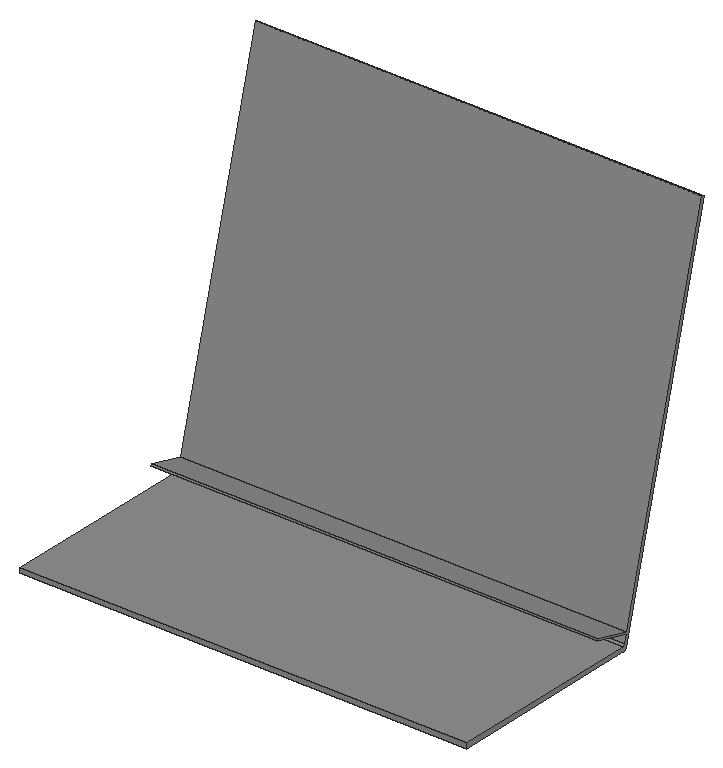
Revit family "Haworth_Belong_Tool_ReferenceShelfBlotter", category Furniture Systems, Revit 2018
Family settings
  Round Connector Dimension = Use Diameter
  Part Type = Normal
  OmniClass Number = 23.40.70.14.64.21
  OmniClass Title = Systems Furniture
  Work Plane-Based = No
  Always vertical = Yes
  Cut with Voids When Loaded = No
  Shared = No
  Room Calculation Point = No
Parameters (values of type "Shelf")
  Warranty = "http://www.haworth.com/resources/product-info/warranties"
  URL = "www.haworth.com"
  Sustainability Info = "https://www.haworth.com/na/en/expertise/sustainability.html"
  Size = "Verify Final Dim. w/ Haworth"  # constant formula
  Shelf Finish = Haworth _ Paint _ Graphite
  Revision Number = "2"  # constant formula
  Product Page URL = "http://www.haworth.com/products/accessories/work-tools/belong"
  Model = "Haworth - Belong Tools - Reference Shelf Blotter"  # constant formula
  Manufacturer = "Haworth"  # constant formula
  Description = "\"Haworth - Belong Tools - Reference Shelf Blotter\""
  Author = "Haworth (Hampton)"  # constant formula
  Assembly Code = "E2020200"
  Actual Width = 11 5/8"  # constant formula
  Actual Height = 9 7/8"  # constant formula
  Actual Depth = 5"  # constant formula
Reference planes (in)
  plane 1 "Back Insertion": y = 0
  plane 2: z = 0
  plane 3 "Center L/R": x = 6.5
  plane 4 "Bottom": z = 0
  plane 5 "Top": z = 9.875
  plane 6 "Left": x = 0.6875
  plane 7 "Right": x = 12.3125
  plane 8 "Front": y = -5
  plane 9 "Inside Bottom": z = 0.125
  plane 10 "Inside Back": y = -0.125
  plane 11 "Back": y = 2.72453
Forms (in)
  Extrusion 1, solid, material "Haworth _ Paint _ Graphite" <- "Shelf Finish"
    sketch origin (12.3125, 0, 0) x (0, 0, 1) y (0, -1, 0)
      loop
        line (0.125, 5) -> (0, 5) -> (0, -0.10113)
        arc (0, -0.10113) -> (0.01936, -0.15819) -> (0.06945, -0.19168) r 0.09375
        line (0.06945, -0.19168) -> (9.50664, -2.72453) -> (9.51909, -2.67817) -> (0.41378, -0.23439) -> (0.66795, 0.71419) -> (0.62178, 0.72656) -> (0.36762, -0.222) -> (0.1713, -0.16931)
        arc (0.1713, -0.16931) -> (0.13791, -0.14699) -> (0.125, -0.10895) r 0.0625
        line (0.125, -0.10895) -> (0.125, 5)
    from -11.625 to 0
Lines and regions (in)
  Masking region 1
    outline origin (0, 0, 0) x (1, 0, 0) y (0, 1, 0)
      loop
        line (0.6875, 2.72453) -> (0.6875, -5) -> (12.3125, -5) -> (12.3125, 2.72453) -> (0.6875, 2.72453)
  symbolic lines, style "Haworth"
    curve 1: line (0.6875, 0, 0) -> (12.3125, 0, 0)
Dimensions and locks (in)
  "Actual Height": plane 5 "Top" to plane 4 "Bottom"
  equal spacing: plane 7 "Right", plane 3 "Center L/R", plane 6 "Left"
  "Actual Width": plane 7 "Right" to plane 6 "Left"
  aligned and locked: plane 7 "Right" to Extrusion 1
  aligned and locked: Extrusion 1 to plane 6 "Left"
  aligned and locked: Masking region 1 sketch curve to plane 11 "Back"
  aligned and locked: Extrusion 1 to plane 8 "Front"
Automatic sketch dimensions
  Extrusion 1 sketch curve to level = 0"
  Extrusion 1 sketch curve to plane 9 "Inside Bottom" = 0"
  Extrusion 1 sketch curve to plane 11 "Back" = 0"
  Extrusion 1 sketch curve to plane 9 "Inside Bottom" = 0.05555"
  Extrusion 1 sketch curve to plane 9 "Inside Bottom" = 1/32"
  plane 9 "Inside Bottom" to Extrusion 1 sketch curve = 0.0463"
  plane 9 "Inside Bottom" to Extrusion 1 sketch curve = 1/16"
  Extrusion 1 sketch curve to Extrusion 1 sketch curve = 0.19632"
  Extrusion 1 sketch curve to Extrusion 1 sketch curve = 0.04617"  (x2)
  plane 9 "Inside Bottom" to Extrusion 1 sketch curve = 0.49678"
  Extrusion 1 sketch curve to plane 11 "Back" = 0.04636"
  Extrusion 1 sketch curve to Extrusion 1 sketch curve = 0.01244"
  Extrusion 1 sketch curve to Extrusion 1 sketch curve = 0.01239"
  Extrusion 1 sketch curve to Extrusion 1 sketch curve = 0.06818"
  Masking region 1 sketch curve to plane 6 "Left" = 0"
  Masking region 1 sketch curve to plane 7 "Right" = 0"
  Masking region 1 sketch curve to plane 8 "Front" = 0"
  plane 1 "Back Insertion" to curve 1 = 0"
  curve 1 to plane 6 "Left" = 0"
  curve 1 to plane 7 "Right" = 0"
  Extrusion 1 sketch curve to plane 5 "Top" = 0.36836"
  plane 8 "Front" to Extrusion 1 sketch curve = 0"
